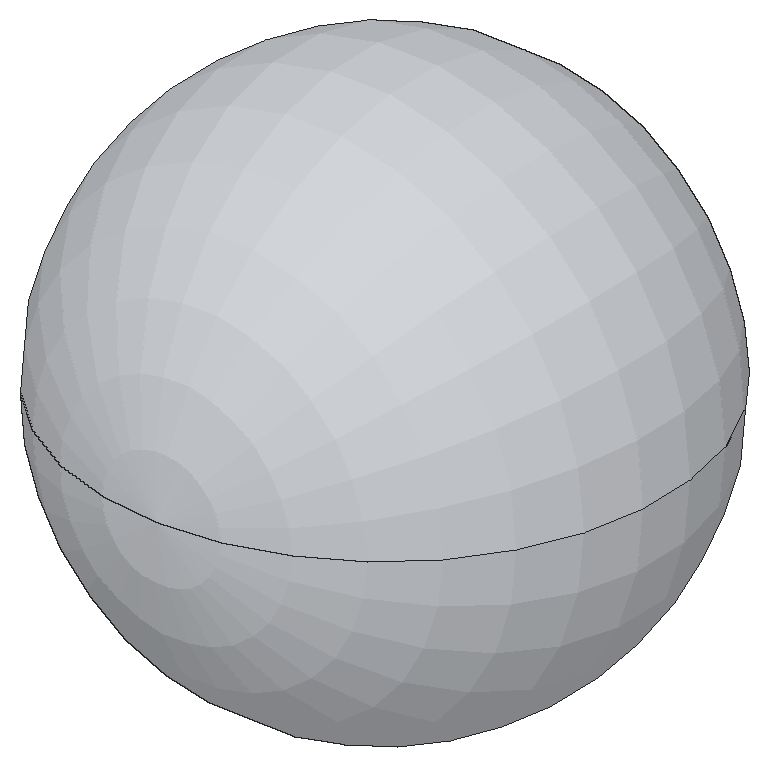
Revit family "WireTemplate", category Силовые электроприборы, Revit 2013
Parameters
  WireTemplate = yes
  Length [instance] = 0 mm
  From [instance] = ""
Reference planes
  plane 1 "По центру (Вперед/Назад)": y = 0
  plane 2: z = 0
  plane 3 "По центру (Влево/Вправо)": x = 0
Forms (mm)
  Revolve 1, solid
    sketch origin (0, 0, 0) x (1, 0, 0) y (0, 1, 0)
      loop
        line (0, 60) -> (0, -60)
        spline (0, -60) -> (15.529, -57.956) -> (30, -51.962) -> (42.426, -42.426) -> (51.962, -30) -> (57.956, -15.529) -> (60, 0) -> (57.956, 15.529) -> (51.962, 30) -> (42.426, 42.426) -> (30, 51.962) -> (15.529, 57.956) -> (0, 60)
      axis (0, 60) -> (0, -60)
    angle from 0 to 360
